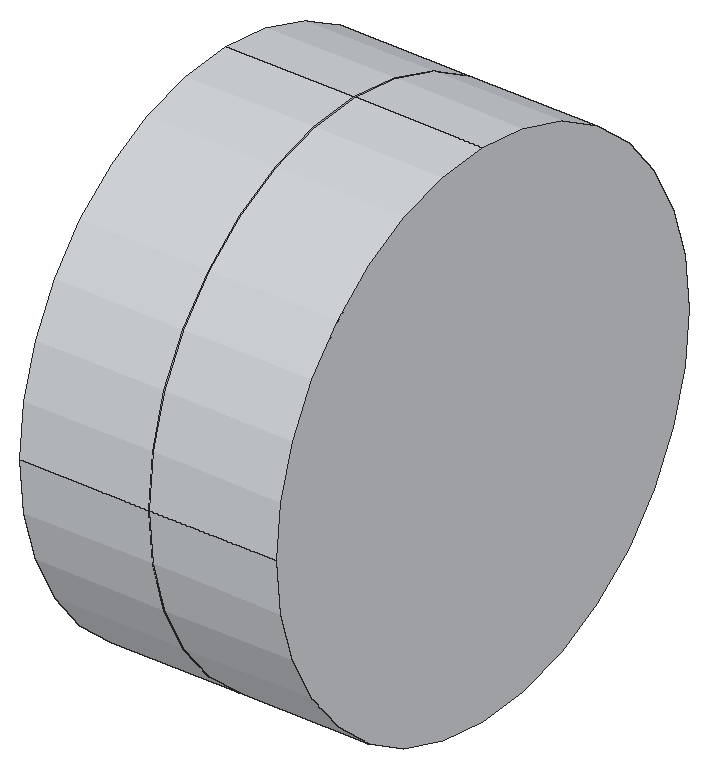
Revit family "Stutzen", category Rohrformteile, Revit 2014
Parameters (values of type "Allgemein")
  r3 [instance] = 100 mm
  l1 [instance] = 0 mm
  d3 [instance] = r3 * 2  # 200 mm
  Länge l11 [instance] = 50 mm
  l11 [instance] = if(l1 = 0 mm, Länge l11, l1)  # 50 mm
  built-in parameter 1114214 [instance] = 50 mm
  built-in parameter 1114213 [instance] = 50 mm
Reference planes
  plane 1 "Mitte (vorne/hinten)": y = 0
  plane 2: z = 0
  plane 3 "Mitte (links/rechts)": x = 0
  plane 4: x = -50
  plane 5: x = 50
Forms (mm)
  Sweep 1, solid, detail levels medium+fine
    path in 3D
      loop
        line (-50, 0, 0) -> (0, 0, 0)
    profile "Luftkanal - rund : Luftkanal - rund" origin (-25, 0, 0) x (0, 1, 0) y (0, 0, 1)
      loop
        arc (-100, 0) -> (-70.711, -70.711) -> (0, -100) r 100
        arc (0, -100) -> (70.711, -70.711) -> (100, 0) r 100
        arc (100, 0) -> (70.711, 70.711) -> (0, 100) r 100
        arc (0, 100) -> (-70.711, 70.711) -> (-100, 0) r 100
  Sweep 2, solid, detail levels medium+fine
    path in 3D
      loop
        line (0, 0, 0) -> (50, 0, 0)
    profile "Luftkanal - rund : Luftkanal - rund" origin (25, 0, 0) x (0, 1, 0) y (0, 0, 1)
      loop
        arc (-100, 0) -> (-70.711, -70.711) -> (0, -100) r 100
        arc (0, -100) -> (70.711, -70.711) -> (100, 0) r 100
        arc (100, 0) -> (70.711, 70.711) -> (0, 100) r 100
        arc (0, 100) -> (-70.711, 70.711) -> (-100, 0) r 100
Lines and regions (mm)
  reference lines
    curve 1: line (-50, 0, 0) -> (0, 0, 0)
    curve 2: line (0, 0, 0) -> (50, 0, 0)
    curve 3: line (190, 0, 0) -> (200, 0, 0)
  sketch lines
    curve 4: line (-50, 0, 0) -> (0, 0, 0)
    curve 5: line (0, 0, 0) -> (50, 0, 0)
Dimensions and locks
  "built-in parameter 1114214": plane 4 to plane 3 "Mitte (links/rechts)"
  "built-in parameter 1114213": plane 3 "Mitte (links/rechts)" to plane 5
Automatic sketch dimensions
  plane 1 "Mitte (vorne/hinten)" to curve 1 = 0 mm
  curve 1 to plane 4 = 0 mm
  curve 2 to plane 3 "Mitte (links/rechts)" = 0 mm
  curve 2 to plane 5 = 0 mm
  plane 1 "Mitte (vorne/hinten)" to curve 3 = 0 mm
  curve 2 to curve 3 = 140 mm
  curve 3 to curve 3 = 10 mm
Connectors
  hvac at (0, 0, 0), driven by "r3"
    settings: on Sweep 2, index 1, duct flow 0.0 L/s, flow factor 0, pres drop 0.0 Pa, loss coef 0, conn angle 0.00°, conn width 200 mm, conn height 200 mm, conn diameter 200 mm, duct sys type 28, conn prof type 0, flow config 0, flow direction 0, loss method 0, conn ref index 2, conn util no, is conn primary yes, conn desc ""
  hvac at (50, 0, 0), driven by "r3"
    settings: on Sweep 2, index 2, duct flow 0.0 L/s, flow factor 0, pres drop 0.0 Pa, loss coef 0, conn angle 0.00°, conn width 304.8 mm, conn height 304.8 mm, conn diameter 200 mm, duct sys type 28, conn prof type 0, flow config 0, flow direction 0, loss method 0, conn ref index 1, conn util no, is conn primary no, conn desc ""
